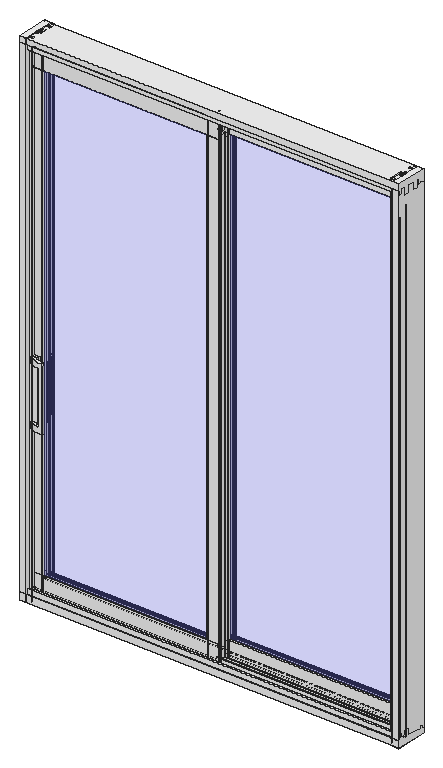
Revit family "Patio-Door_Victorian_OX-Double-Glaze-rev3_Novatech", category Doors, host Wall, Revit 2026 (continued)
Definition of nested family "NOVATECH VICTORIAN_OX-DOUBLE GLAZE REV3_SASH_X"
  Definition of nested family "NOVATECH_VICTORIAN_SASH_X_HEADER"
    Automatic sketch dimensions
      Extrusion 1 sketch curve to Extrusion 1 sketch curve = 0.05048"  (x2)
      Extrusion 1 sketch curve to Extrusion 1 sketch curve = 0.05142"  (x2)
      Extrusion 1 sketch curve to Extrusion 1 sketch curve = 0.10625"  (x2)
      Extrusion 1 sketch curve to Extrusion 1 sketch curve = 0.02452"  (x2)
      plane 5 to Extrusion 1 sketch curve = 0.31972"  (x2)
      Extrusion 1 sketch curve to Extrusion 1 sketch curve = 0.02432"  (x2)
      Extrusion 1 sketch curve to Extrusion 1 sketch curve = 0.065"  (x3)
      Extrusion 1 sketch curve to Extrusion 1 sketch curve = 0.03375"
      Extrusion 1 sketch curve to Extrusion 1 sketch curve = 0.36625"  (x2)
      Extrusion 1 sketch curve to Extrusion 1 sketch curve = 0.3325"
      Extrusion 1 sketch curve to Extrusion 1 sketch curve = 0.88851"
      Extrusion 1 sketch curve to Extrusion 1 sketch curve = 0.00074"
      Extrusion 1 sketch curve to Extrusion 1 sketch curve = 0.08125"
      level to Extrusion 1 sketch curve = 0.03"
      Extrusion 1 sketch curve to Extrusion 1 sketch curve = 0.145"
      Extrusion 1 sketch curve to Extrusion 1 sketch curve = 0.08"
      Extrusion 1 sketch curve to Extrusion 1 sketch curve = 0.055"
      Extrusion 1 sketch curve to Extrusion 1 sketch curve = 0.33"
      Extrusion 1 sketch curve to Extrusion 1 sketch curve = 0.305"  (x2)
      Extrusion 1 sketch curve to Extrusion 1 sketch curve = 0.075"  (x3)
      Extrusion 1 sketch curve to Extrusion 1 sketch curve = 0.39"
      Extrusion 1 sketch curve to Extrusion 1 sketch curve = 0.25601"  (x2)
      Extrusion 1 sketch curve to Extrusion 1 sketch curve = 0.01329"  (x2)
      Extrusion 1 sketch curve to Extrusion 1 sketch curve = 0.01066"  (x2)
      Extrusion 1 sketch curve to Extrusion 1 sketch curve = 0.01"  (x2)
      Extrusion 1 sketch curve to Extrusion 1 sketch curve = 0.15421"
      Extrusion 1 sketch curve to Extrusion 1 sketch curve = 0.0925"
      Extrusion 1 sketch curve to Extrusion 1 sketch curve = 0.00447"  (x2)
      Extrusion 1 sketch curve to Extrusion 1 sketch curve = 0.00818"  (x2)
      Extrusion 1 sketch curve to Extrusion 1 sketch curve = 0.00803"  (x2)
      Extrusion 1 sketch curve to Extrusion 1 sketch curve = 0.05"
  Definition of nested family "NOVATECH_VICTORIAN_SASH_X_SILL"
    Parameters (values of type "X_SILL")
      built-in parameter 1001306 [instance] = 54"
      Frame Material = none
      Default Elevation = 0"
    Reference planes (in)
      plane 1 "Center (Front/Back)": y = 0
      plane 2: z = 0
      plane 3 "Left": x = 0
      plane 4 "Right": x = 54
    Forms (in)
      Extrusion 1, solid, material <- "Frame Material"
        sketch origin (0, 0, 0) x (0, 1, 0) y (0, 0, 1)
          loop
            line (-1.625, 0) -> (-1.2575, 0) -> (-1.2575, 0.0925)
            arc (-1.2575, 0.0925) -> (-1.2825, 0.10976) -> (-1.3075, 0.0925) r 0.02673
            arc (-1.3075, 0.0925) -> (-1.32681, 0.06351) -> (-1.3575, 0.08) r 0.02588
            line (-1.3575, 0.08) -> (-1.3575, 0.26)
            arc (-1.3575, 0.26) -> (-1.32586, 0.27827) -> (-1.30744, 0.24671) r 0.02589
            arc (-1.30744, 0.24671) -> (-1.2821, 0.23049) -> (-1.25676, 0.24671) r 0.02791
            line (-1.25676, 0.24671) -> (-1.19797, 1.36843) -> (-1.16053, 1.36843) -> (-1.16053, 1.0095) -> (-1.00614, 1.0095) -> (-1.00614, 0.94494) -> (-0.96965, 0.94494) -> (-0.96965, 0.65862) -> (-0.93597, 0.65862) -> (-0.93597, 1.0095) -> (-0.68615, 1.0095) -> (-0.68615, 0.65862) -> (-0.65246, 0.65862) -> (-0.65246, 0.94494) -> (-0.61886, 0.94494) -> (-0.61886, 1.0095) -> (-0.45878, 1.0095) -> (-0.45878, 1.36843) -> (-0.42703, 1.36843) -> (-0.36824, 0.24671)
            arc (-0.36824, 0.24671) -> (-0.3429, 0.23049) -> (-0.31756, 0.24671) r 0.02791
            arc (-0.31756, 0.24671) -> (-0.29914, 0.27827) -> (-0.2675, 0.26) r 0.02589
            line (-0.2675, 0.26) -> (-0.2675, 0.08)
            arc (-0.2675, 0.08) -> (-0.29819, 0.06351) -> (-0.3175, 0.0925) r 0.02588
            arc (-0.3175, 0.0925) -> (-0.3425, 0.10976) -> (-0.3675, 0.0925) r 0.02673
            line (-0.3675, 0.0925) -> (-0.3675, 0) -> (0, 0) -> (0, 3.095)
            arc (0, 3.095) -> (-0.00879, 3.11621) -> (-0.03, 3.125) r 0.03
            line (-0.03, 3.125) -> (-0.2675, 3.125) -> (-0.2675, 3.06) -> (-0.2425, 3.035) -> (-0.2425, 2.89) -> (-0.2675, 2.865) -> (-0.2675, 2.81) -> (-0.2425, 2.785) -> (-0.2425, 2.405) -> (-0.34875, 2.405) -> (-0.34875, 2.48) -> (-0.41375, 2.48) -> (-0.41375, 2.405) -> (-0.78, 2.405) -> (-0.78, 2.48) -> (-0.845, 2.48) -> (-0.845, 2.405) -> (-1.21125, 2.405) -> (-1.21125, 2.48) -> (-1.27625, 2.48) -> (-1.27625, 2.405) -> (-1.3825, 2.405) -> (-1.3825, 2.785) -> (-1.3575, 2.81) -> (-1.3575, 2.865) -> (-1.3825, 2.89) -> (-1.3825, 3.035) -> (-1.3575, 3.06) -> (-1.3575, 3.125) -> (-1.595, 3.125)
            arc (-1.595, 3.125) -> (-1.61621, 3.11621) -> (-1.625, 3.095) r 0.03
            line (-1.625, 3.095) -> (-1.625, 0)
        from 0 to 54
    Lines and regions (in)
      reference lines
        curve 1: line (0, 0, 0) -> (54, 0, 0)
    Dimensions and locks (in)
      "built-in parameter 1001306": plane 3 "Left" to plane 4 "Right"
      aligned and locked: plane 4 "Right" to curve 1
      aligned and locked: plane 1 "Center (Front/Back)" to curve 1
      aligned and locked: plane 3 "Left" to curve 1
      aligned and locked: level to plane 2
      aligned and locked: Extrusion 1 to curve 1
      aligned and locked: Extrusion 1 to plane 3 "Left"
    Automatic sketch dimensions
      Extrusion 1 sketch curve to level = 0"  (x2)
      plane 1 "Center (Front/Back)" to Extrusion 1 sketch curve = 1 5/8"
      Extrusion 1 sketch curve to Extrusion 1 sketch curve = 0.03"
      Extrusion 1 sketch curve to Extrusion 1 sketch curve = 0.2125"  (x2)
      Extrusion 1 sketch curve to Extrusion 1 sketch curve = 0.025"  (x13)
      Extrusion 1 sketch curve to Extrusion 1 sketch curve = 0.2675"
      Extrusion 1 sketch curve to Extrusion 1 sketch curve = 0.02441"  (x2)
      Extrusion 1 sketch curve to Extrusion 1 sketch curve = 0.05059"  (x2)
      Extrusion 1 sketch curve to Extrusion 1 sketch curve = 0.0504"  (x2)
      Extrusion 1 sketch curve to Extrusion 1 sketch curve = 0.10625"
      level to Extrusion 1 sketch curve = 0.24671"
      Extrusion 1 sketch curve to Extrusion 1 sketch curve = 0.02534"  (x2)
      Extrusion 1 sketch curve to Extrusion 1 sketch curve = 0.065"  (x3)
      Extrusion 1 sketch curve to Extrusion 1 sketch curve = 0.01328"
      Extrusion 1 sketch curve to Extrusion 1 sketch curve = 0.03744"
      Extrusion 1 sketch curve to Extrusion 1 sketch curve = 0.15438"
      Extrusion 1 sketch curve to Extrusion 1 sketch curve = 0.03649"
      Extrusion 1 sketch curve to Extrusion 1 sketch curve = 0.07017"
      Extrusion 1 sketch curve to Extrusion 1 sketch curve = 0.36625"  (x2)
      Extrusion 1 sketch curve to Extrusion 1 sketch curve = 0.24982"
      Extrusion 1 sketch curve to Extrusion 1 sketch curve = 0.03368"
      Extrusion 1 sketch curve to Extrusion 1 sketch curve = 0.03361"
      Extrusion 1 sketch curve to Extrusion 1 sketch curve = 0.16007"
      Extrusion 1 sketch curve to Extrusion 1 sketch curve = 0.03175"
      plane 1 "Center (Front/Back)" to Extrusion 1 sketch curve = 0.36824"
      Extrusion 1 sketch curve to Extrusion 1 sketch curve = 0.00074"
      plane 1 "Center (Front/Back)" to Extrusion 1 sketch curve = 0.2675"
      Extrusion 1 sketch curve to Extrusion 1 sketch curve = 0"  (x7)
      plane 1 "Center (Front/Back)" to Extrusion 1 sketch curve = 0.03"
      plane 1 "Center (Front/Back)" to Extrusion 1 sketch curve = 0"
      level to Extrusion 1 sketch curve = 0.08"  (x2)
      Extrusion 1 sketch curve to Extrusion 1 sketch curve = 0.00303"  (x2)
      Extrusion 1 sketch curve to Extrusion 1 sketch curve = 0.00862"  (x2)
      Extrusion 1 sketch curve to Extrusion 1 sketch curve = 0.00947"  (x2)
      Extrusion 1 sketch curve to Extrusion 1 sketch curve = 0.15421"
      Extrusion 1 sketch curve to Extrusion 1 sketch curve = 0.00652"  (x2)
      Extrusion 1 sketch curve to Extrusion 1 sketch curve = 0.01168"  (x2)
      Extrusion 1 sketch curve to Extrusion 1 sketch curve = 0.00676"  (x2)
      Extrusion 1 sketch curve to Extrusion 1 sketch curve = 0.41191"
      Extrusion 1 sketch curve to Extrusion 1 sketch curve = 0.28631"  (x2)
      Extrusion 1 sketch curve to Extrusion 1 sketch curve = 0.06456"  (x3)
      Extrusion 1 sketch curve to Extrusion 1 sketch curve = 0.35894"  (x2)
      Extrusion 1 sketch curve to Extrusion 1 sketch curve = 1.03657"
      Extrusion 1 sketch curve to Extrusion 1 sketch curve = 0.075"  (x3)
      Extrusion 1 sketch curve to Extrusion 1 sketch curve = 0.305"  (x2)
      Extrusion 1 sketch curve to Extrusion 1 sketch curve = 0.055"  (x2)
      Extrusion 1 sketch curve to Extrusion 1 sketch curve = 0.145"  (x2)
      Extrusion 1 sketch curve to Extrusion 1 sketch curve = 0.06"  (x2)
Definition of nested family "NOVATECH VICTORIAN_OX-DOUBLE GLAZE REV3_SASH_O"
  Parameters (values of type "SASH_O")
    Width = 28 111/256"
    Panel Material = none
    Height = 91 3/4"
    Frame Material = none
    Default Elevation = 0"
  Reference planes (in)
    plane 1 "Center (Front/Back)": y = 0
    plane 2: z = 0
    plane 3 "Center (Left/Right)": x = 0
    plane 4: x = 14.2168
    plane 5: x = -14.2168
    plane 6: z = 91.75
    plane 7: y = 0.8125
    plane 8: x = -15.4043
  Forms (in)
    Extrusion 1, solid, material <- "Panel Material"
      sketch origin (53.05518, -3.31617, -6.69658) x (1, 0, 0) y (0, 1, 0)
        loop
          line (-66.70948, 4.50367) -> (-66.70948, 3.75367) -> (-40.46338, 3.75367) -> (-40.46338, 4.50367) -> (-66.70948, 4.50367)
      from 9.10158 to 96.04158
  Dimensions and locks (in)
    "Height": plane 6 to level
    "Width": plane 4 to plane 5
    equal spacing: plane 4, plane 3 "Center (Left/Right)", plane 5
    locked: Extrusion 1 sketch curve to Extrusion 1 sketch curve at 0.75
    locked: plane 5 to Extrusion 1 at 0.5625
    Extrusion 1 to plane 4 = 1 5/8"
    locked: plane 6 to Extrusion 1 at 2.405
    locked: Extrusion 1 to level at 2.405
    locked: plane 8 to plane 5 at 1.1875
    locked: Extrusion 1 to plane 1 "Center (Front/Back)" at 0.4375
    aligned and locked: plane 2 to level
    aligned and locked: plane 1 "Center (Front/Back)" to nested 1
    aligned and locked: plane 1 "Center (Front/Back)" to nested 2
    aligned and locked: nested 3 to plane 4
    aligned and locked: plane 4 to nested 1
    aligned and locked: plane 1 "Center (Front/Back)" to nested 4
    aligned and locked: plane 6 to nested 2
    aligned and locked: plane 4 to nested 2
    aligned and locked: nested 4 to level
    aligned and locked: plane 6 to nested 4
    aligned and locked: nested 3 to Extrusion 1
    aligned and locked: plane 2 to nested 3
    aligned and locked: nested 3 to plane 6
    aligned and locked: level to nested 1
    aligned and locked: plane 5 to nested 4
    aligned and locked: plane 8 to nested 2
    aligned and locked: plane 8 to nested 1
  Automatic sketch dimensions
    Extrusion 1 sketch curve to plane 1 "Center (Front/Back)" = 7/16"
    plane 5 to Extrusion 1 sketch curve = 9/16"
    Extrusion 1 sketch curve to plane 4 = 1 5/8"
  Nested families (in)
    nested 1: "NOVATECH_VICTORIAN_SASH_O_SILL" at (-15.4043, 0, 0), type "O PANEL SILL"
      with built-in parameter 1001306 2.4684 (stored number, unit not read)
    nested 2: "NOVATECH_VICTORIAN_SASH_O_HEADER" at (-15.4043, 0, 88.625), type "O PANEL HEADER"
      with Length 29 159/256"
    nested 3: "NOVATECH_VICTORIAN_LIGHT_SASH_O" at (14.2168, 1.65748, -8.94531) x (0, -1, 0) z (0, 0, 1), type "O_RIGHT"
      with Length 91 3/4"
    nested 4: "NOVATECH_VICTORIAN_SASH_O_2" at (-15.4043, 0, -9.93494) x (0, -1, 0) z (0, 0, 1), type "NOVATECH_650_2 LIGHT_SASH_X_RIGHT"
      with Length 91 3/4"
  Definition of nested family "NOVATECH_VICTORIAN_SASH_O_SILL"
    Parameters (values of type "O PANEL SILL")
      built-in parameter 1001306 [instance] = 48"
      Frame Material = none
      Default Elevation = 0"
    Reference planes (in)
      plane 1 "Center (Front/Back)": y = 0
      plane 2: z = 0
      plane 3 "Left": x = 0
      plane 4 "Right": x = 48
    Forms (in)
      Extrusion 1, solid, material <- "Frame Material"
        sketch origin (0, -0.42731, -0.73603) x (0, 1, 0) y (0, 0, 1)
          loop
            line (1.60481, 2.49503) -> (1.68407, 0.98275)
            arc (1.68407, 0.98275) -> (1.71579, 0.96514) -> (1.73481, 0.99603) r 0.02625
            arc (1.73481, 0.99603) -> (1.75981, 1.01461) -> (1.78481, 0.99603) r 0.02611
            line (1.78481, 0.99603) -> (1.78481, 0.81603)
            arc (1.78481, 0.81603) -> (1.75401, 0.7991) -> (1.73481, 0.82853) r 0.02584
            arc (1.73481, 0.82853) -> (1.70981, 0.84667) -> (1.68481, 0.82853) r 0.0263
            line (1.68481, 0.82853) -> (1.68481, 0.73603) -> (2.02231, 0.73603)
            arc (2.02231, 0.73603) -> (2.04352, 0.74482) -> (2.05231, 0.76603) r 0.03
            line (2.05231, 0.76603) -> (2.05231, 3.83103)
            arc (2.05231, 3.83103) -> (2.04352, 3.85225) -> (2.02231, 3.86103) r 0.03
            line (2.02231, 3.86103) -> (1.78481, 3.86103) -> (1.78481, 3.79603) -> (1.80981, 3.77103) -> (1.80981, 3.62603) -> (1.78481, 3.60103) -> (1.78481, 3.54603) -> (1.80981, 3.52103) -> (1.80981, 3.14103) -> (1.70356, 3.14103) -> (1.70356, 3.21603) -> (1.63856, 3.21603) -> (1.63856, 3.14103) -> (1.27231, 3.14103) -> (1.27231, 3.21603) -> (1.20731, 3.21603) -> (1.20731, 3.14103) -> (0.84106, 3.14103) -> (0.84106, 3.21603) -> (0.77606, 3.21603) -> (0.77606, 3.14103) -> (0.66981, 3.14103) -> (0.66981, 3.52103) -> (0.69481, 3.54603) -> (0.69481, 3.60103) -> (0.66981, 3.62603) -> (0.66981, 3.77103) -> (0.69481, 3.79603) -> (0.69481, 3.86103) -> (0.45731, 3.86103)
            arc (0.45731, 3.86103) -> (0.4361, 3.85225) -> (0.42731, 3.83103) r 0.03
            line (0.42731, 3.83103) -> (0.42731, 0.76603)
            arc (0.42731, 0.76603) -> (0.4361, 0.74482) -> (0.45731, 0.73603) r 0.03
            line (0.45731, 0.73603) -> (0.79481, 0.73603) -> (0.79481, 0.82853)
            arc (0.79481, 0.82853) -> (0.76981, 0.84667) -> (0.74481, 0.82853) r 0.0263
            arc (0.74481, 0.82853) -> (0.72561, 0.7991) -> (0.69481, 0.81603) r 0.02584
            line (0.69481, 0.81603) -> (0.69481, 0.99603)
            arc (0.69481, 0.99603) -> (0.71981, 1.01461) -> (0.74481, 0.99603) r 0.02611
            arc (0.74481, 0.99603) -> (0.76383, 0.96514) -> (0.79556, 0.98275) r 0.02625
            line (0.79556, 0.98275) -> (0.87481, 2.49503) -> (0.87481, 2.75103) -> (1.60481, 2.75103) -> (1.60481, 2.49503)
        from 0 to 48
      Extrusion 2, solid, material <- "Frame Material"
        sketch origin (0, 0, 0) x (0, 1, 0) y (0, 0, 1)
          loop
            line (1.67312, -0.65372) -> (1.67312, -0.09203)
            arc (1.67312, -0.09203) -> (1.64969, -0.03546) -> (1.59312, -0.01203) r 0.08
            line (1.59312, -0.01203) -> (1.22182, -0.01203) -> (1.18036, 0.48672)
            arc (1.18036, 0.48672) -> (1.15541, 0.50302) -> (1.13046, 0.48672) r 0.02724
            arc (1.13046, 0.48672) -> (1.12856, 0.47042) -> (1.11786, 0.45797) r 0.02802
            line (1.11786, 0.45797) -> (1.06562, 0.45797)
            arc (1.06562, 0.45797) -> (1.04882, 0.47919) -> (1.06562, 0.50041) r 0.0218
            arc (1.06562, 0.50041) -> (1.08197, 0.52104) -> (1.06562, 0.54168) r 0.0212
            arc (1.06562, 0.54168) -> (1.04891, 0.56278) -> (1.06562, 0.58388) r 0.02168
            arc (1.06562, 0.58388) -> (1.08217, 0.60477) -> (1.06562, 0.62566) r 0.02146
            arc (1.06562, 0.62566) -> (1.04887, 0.64682) -> (1.06562, 0.66797) r 0.02173
            line (1.06562, 0.66797) -> (1.11541, 0.66797)
            arc (1.11541, 0.66797) -> (1.12824, 0.65713) -> (1.13041, 0.64047) r 0.02324
            arc (1.13041, 0.64047) -> (1.15541, 0.62279) -> (1.18041, 0.64047) r 0.02651
            line (1.18041, 0.64047) -> (1.18041, 0.70797)
            arc (1.18041, 0.70797) -> (1.17162, 0.72919) -> (1.15041, 0.73797) r 0.03
            line (1.15041, 0.73797) -> (1.01062, 0.73797)
            arc (1.01062, 0.73797) -> (0.98941, 0.72919) -> (0.98062, 0.70797) r 0.03
            line (0.98062, 0.70797) -> (0.98062, 0.48797) -> (0.63062, 0.48797) -> (0.63062, 0.70797)
            arc (0.63062, 0.70797) -> (0.62184, 0.72919) -> (0.60062, 0.73797) r 0.03
            line (0.60062, 0.73797) -> (0.46084, 0.73797)
            arc (0.46084, 0.73797) -> (0.43963, 0.72919) -> (0.43084, 0.70797) r 0.03
            line (0.43084, 0.70797) -> (0.43084, 0.64047)
            arc (0.43084, 0.64047) -> (0.45584, 0.62279) -> (0.48084, 0.64047) r 0.02651
            arc (0.48084, 0.64047) -> (0.48301, 0.65713) -> (0.49584, 0.66797) r 0.02324
            line (0.49584, 0.66797) -> (0.54562, 0.66797)
            arc (0.54562, 0.66797) -> (0.56238, 0.64682) -> (0.54562, 0.62566) r 0.02173
            arc (0.54562, 0.62566) -> (0.52908, 0.60477) -> (0.54562, 0.58388) r 0.02146
            arc (0.54562, 0.58388) -> (0.56234, 0.56278) -> (0.54562, 0.54168) r 0.02168
            arc (0.54562, 0.54168) -> (0.52928, 0.52104) -> (0.54562, 0.50041) r 0.0212
            arc (0.54562, 0.50041) -> (0.56243, 0.47919) -> (0.54562, 0.45797) r 0.0218
            line (0.54562, 0.45797) -> (0.49339, 0.45797)
            arc (0.49339, 0.45797) -> (0.48269, 0.47042) -> (0.48079, 0.48672) r 0.02802
            arc (0.48079, 0.48672) -> (0.45584, 0.50302) -> (0.43089, 0.48672) r 0.02724
            line (0.43089, 0.48672) -> (0.38943, -0.01203) -> (0.03312, -0.01203)
            arc (0.03312, -0.01203) -> (-0.02344, -0.03546) -> (-0.04688, -0.09203) r 0.08
            line (-0.04688, -0.09203) -> (-0.04688, -0.83072)
            arc (-0.04688, -0.83072) -> (-0.05969, -0.84284) -> (-0.07687, -0.84682) r 0.03366
            arc (-0.07687, -0.84682) -> (-0.102, -0.87939) -> (-0.07687, -0.91196) r 0.03368
            line (-0.07687, -0.91196) -> (0.02312, -0.91196) -> (0.02312, -0.76062) -> (1.60312, -0.53857) -> (1.60312, -0.66356)
            arc (1.60312, -0.66356) -> (1.6416, -0.68336) -> (1.67312, -0.65372) r 0.0375
        from 0 to 48
    Lines and regions (in)
      reference lines
        curve 1: line (0, 0.91091, 0) -> (48, 0.91091, 0)
    Dimensions and locks (in)
      "built-in parameter 1001306": plane 3 "Left" to plane 4 "Right"
      aligned and locked: plane 4 "Right" to curve 1
      aligned and locked: plane 3 "Left" to curve 1
      aligned and locked: level to plane 2
      aligned and locked: Extrusion 1 to plane 3 "Left"
      aligned and locked: plane 4 "Right" to Extrusion 1
      aligned and locked: Extrusion 2 to plane 3 "Left"
      aligned and locked: plane 4 "Right" to Extrusion 2
    Automatic sketch dimensions
      curve 1 to plane 1 "Center (Front/Back)" = 0.91091"
      Extrusion 1 sketch curve to plane 1 "Center (Front/Back)" = 0"
      Extrusion 1 sketch curve to level = 0"  (x2)
      Extrusion 1 sketch curve to plane 1 "Center (Front/Back)" = 0.03"
      Extrusion 1 sketch curve to Extrusion 1 sketch curve = 0.03"  (x2)
      Extrusion 1 sketch curve to plane 1 "Center (Front/Back)" = 0.2425"
      Extrusion 1 sketch curve to Extrusion 1 sketch curve = 0.2125"
      Extrusion 1 sketch curve to Extrusion 1 sketch curve = 0.025"  (x13)
      level to Extrusion 1 sketch curve = 0.08"  (x2)
      Extrusion 1 sketch curve to Extrusion 1 sketch curve = 0.2375"  (x2)
      Extrusion 1 sketch curve to Extrusion 1 sketch curve = 0.02453"  (x2)
      Extrusion 1 sketch curve to Extrusion 1 sketch curve = 0.05047"  (x2)
      Extrusion 1 sketch curve to Extrusion 1 sketch curve = 0.05067"  (x2)
      Extrusion 1 sketch curve to Extrusion 1 sketch curve = 0.10625"
      level to Extrusion 1 sketch curve = 0.24671"  (x2)
      Extrusion 1 sketch curve to Extrusion 1 sketch curve = 0.02507"  (x2)
      Extrusion 1 sketch curve to Extrusion 1 sketch curve = 0.065"  (x3)
      Extrusion 1 sketch curve to Extrusion 1 sketch curve = 0.03375"
      Extrusion 1 sketch curve to Extrusion 1 sketch curve = 0.36625"  (x2)
      Extrusion 1 sketch curve to Extrusion 1 sketch curve = 0.3325"
      Extrusion 1 sketch curve to Extrusion 1 sketch curve = 0.88851"
      level to Extrusion 1 sketch curve = 0.0925"
      Extrusion 1 sketch curve to Extrusion 1 sketch curve = 0.00074"
      Extrusion 1 sketch curve to Extrusion 1 sketch curve = 0.08125"
      Extrusion 1 sketch curve to Extrusion 1 sketch curve = 0"  (x5)
      level to Extrusion 1 sketch curve = 0.03"
      Extrusion 1 sketch curve to Extrusion 1 sketch curve = 0.00434"
      Extrusion 1 sketch curve to Extrusion 1 sketch curve = 0.00816"  (x2)
      Extrusion 1 sketch curve to Extrusion 1 sketch curve = 0.00813"  (x2)
      Extrusion 1 sketch curve to Extrusion 1 sketch curve = 0.00575"  (x2)
      Extrusion 1 sketch curve to Extrusion 1 sketch curve = 0.00779"  (x2)
      Extrusion 1 sketch curve to Extrusion 1 sketch curve = 0.00753"  (x2)
      Extrusion 1 sketch curve to Extrusion 1 sketch curve = 1.49899"
      Extrusion 1 sketch curve to Extrusion 1 sketch curve = 0.25601"
      Extrusion 1 sketch curve to Extrusion 1 sketch curve = 0.39"
      Extrusion 1 sketch curve to Extrusion 1 sketch curve = 0.075"  (x3)
      Extrusion 1 sketch curve to Extrusion 1 sketch curve = 0.305"  (x2)
      Extrusion 1 sketch curve to Extrusion 1 sketch curve = 0.055"  (x2)
      Extrusion 1 sketch curve to Extrusion 1 sketch curve = 0.145"  (x2)
      Extrusion 1 sketch curve to Extrusion 1 sketch curve = 0.06"  (x2)
      plane 1 "Center (Front/Back)" to Extrusion 2 sketch curve = 0.07687"
      plane 1 "Center (Front/Back)" to Extrusion 2 sketch curve = 0.0756"
      plane 1 "Center (Front/Back)" to Extrusion 2 sketch curve = 0.06833"
      plane 1 "Center (Front/Back)" to Extrusion 2 sketch curve = 3/64"
      Extrusion 2 sketch curve to Extrusion 2 sketch curve = 0.09145"
      Extrusion 2 sketch curve to level = 0.01203"  (x2)
      Extrusion 2 sketch curve to Extrusion 2 sketch curve = 0.08"
      Extrusion 2 sketch curve to Extrusion 2 sketch curve = 0.3563"
      Extrusion 2 sketch curve to plane 1 "Center (Front/Back)" = 0.43084"
      Extrusion 2 sketch curve to Extrusion 2 sketch curve = 0.00005"
      Extrusion 2 sketch curve to Extrusion 2 sketch curve = 0.02495"  (x2)
      Extrusion 2 sketch curve to Extrusion 2 sketch curve = 0.025"
      Extrusion 2 sketch curve to Extrusion 2 sketch curve = 0.03"  (x4)
      Extrusion 2 sketch curve to Extrusion 2 sketch curve = 0.03755"  (x2)
      Extrusion 2 sketch curve to Extrusion 2 sketch curve = 0.04"  (x3)
      Extrusion 2 sketch curve to Extrusion 2 sketch curve = 0.00757"  (x2)
      Extrusion 2 sketch curve to Extrusion 2 sketch curve = 0.01495"  (x2)
      Extrusion 2 sketch curve to Extrusion 2 sketch curve = 0.03228"  (x2)
      Extrusion 2 sketch curve to Extrusion 2 sketch curve = 0.03724"  (x2)
      Extrusion 2 sketch curve to Extrusion 2 sketch curve = 0.00003"
      Extrusion 2 sketch curve to Extrusion 2 sketch curve = 0.00499"  (x2)
      Extrusion 2 sketch curve to Extrusion 2 sketch curve = 0.00498"  (x2)
      Extrusion 2 sketch curve to Extrusion 2 sketch curve = 0.00982"  (x2)
      Extrusion 2 sketch curve to Extrusion 2 sketch curve = 0.00988"
      Extrusion 2 sketch curve to Extrusion 2 sketch curve = 0.055"
      Extrusion 2 sketch curve to Extrusion 2 sketch curve = 0.08014"
      Extrusion 2 sketch curve to Extrusion 2 sketch curve = 0.35"
      Extrusion 2 sketch curve to Extrusion 2 sketch curve = 0.05008"
      Extrusion 2 sketch curve to Extrusion 2 sketch curve = 0.00006"
      Extrusion 2 sketch curve to Extrusion 2 sketch curve = 0.00492"
      Extrusion 2 sketch curve to Extrusion 2 sketch curve = 0.00486"  (x2)
      Extrusion 2 sketch curve to Extrusion 2 sketch curve = 0.035"
      level to Extrusion 2 sketch curve = 0.48672"
      Extrusion 2 sketch curve to Extrusion 2 sketch curve = 0.10396"
      Extrusion 2 sketch curve to level = 0.09203"
      Extrusion 2 sketch curve to Extrusion 2 sketch curve = 0.3713"
      Extrusion 2 sketch curve to Extrusion 2 sketch curve = 0.07"
      Extrusion 2 sketch curve to Extrusion 2 sketch curve = 0.03326"
      Extrusion 2 sketch curve to Extrusion 2 sketch curve = 0.44654"
      Extrusion 2 sketch curve to Extrusion 2 sketch curve = 0.10766"
      Extrusion 2 sketch curve to Extrusion 2 sketch curve = 0.00749"
      Extrusion 2 sketch curve to Extrusion 2 sketch curve = 0.6686"
      Extrusion 2 sketch curve to Extrusion 2 sketch curve = 0.05256"
      Extrusion 2 sketch curve to Extrusion 2 sketch curve = 0.01755"
      Extrusion 2 sketch curve to Extrusion 2 sketch curve = 0.04867"
      Extrusion 2 sketch curve to Extrusion 2 sketch curve = 0.03257"
      level to Extrusion 2 sketch curve = 0.45797"
      Extrusion 2 sketch curve to Extrusion 2 sketch curve = 0.02874"
      Extrusion 2 sketch curve to Extrusion 2 sketch curve = 0.0178"
      Extrusion 2 sketch curve to Extrusion 2 sketch curve = 0.01094"  (x2)
      Extrusion 2 sketch curve to Extrusion 2 sketch curve = 0.02122"  (x2)
      Extrusion 2 sketch curve to Extrusion 2 sketch curve = 0.02369"  (x2)
      Extrusion 2 sketch curve to Extrusion 2 sketch curve = 0.04185"  (x2)
      Extrusion 2 sketch curve to Extrusion 2 sketch curve = 0.04173"  (x2)
      Extrusion 2 sketch curve to Extrusion 2 sketch curve = 0.04199"  (x2)
      Extrusion 2 sketch curve to Extrusion 2 sketch curve = 0.03571"  (x2)
      Extrusion 2 sketch curve to Extrusion 2 sketch curve = 0.04124"  (x2)
      Extrusion 2 sketch curve to Extrusion 2 sketch curve = 0.00081"  (x2)
      Extrusion 2 sketch curve to Extrusion 2 sketch curve = 0.00882"  (x2)
      Extrusion 2 sketch curve to Extrusion 2 sketch curve = 0.02116"  (x2)
      Extrusion 2 sketch curve to Extrusion 2 sketch curve = 0.05868"
      Extrusion 2 sketch curve to Extrusion 2 sketch curve = 0"  (x5)
  Definition of nested family "NOVATECH_VICTORIAN_SASH_O_HEADER"
    Parameters (values of type "O PANEL HEADER")
      Length [instance] = 25.4316"
      Frame Material = none
      Default Elevation = 0"
    Reference planes (in)
      plane 1 "Center (Front/Back)": y = 0
      plane 2: z = 0
      plane 3 "Center (Left/Right)": x = 0
      plane 4: x = 25.4316
    Forms (in)
      Extrusion 1, solid, material <- "Frame Material"
        sketch origin (0, 3.99113, -1.74837) x (0, 1, 0) y (0, 0, 1)
          loop
            arc (-2.36613, 4.84337) -> (-2.37492, 4.86458) -> (-2.39613, 4.87337) r 0.03
            line (-2.39613, 4.87337) -> (-2.73363, 4.87337) -> (-2.73363, 4.78087)
            arc (-2.73363, 4.78087) -> (-2.70285, 4.76398) -> (-2.68363, 4.79337) r 0.02585
            arc (-2.68363, 4.79337) -> (-2.65863, 4.8116) -> (-2.63363, 4.79337) r 0.02626
            line (-2.63363, 4.79337) -> (-2.63363, 4.61337)
            arc (-2.63363, 4.61337) -> (-2.65863, 4.59644) -> (-2.68363, 4.61337) r 0.02693
            arc (-2.68363, 4.61337) -> (-2.70333, 4.64169) -> (-2.73438, 4.62665) r 0.02655
            line (-2.73438, 4.62665) -> (-2.81363, 3.11438) -> (-2.81363, 2.85837) -> (-3.54363, 2.85837) -> (-3.54363, 3.11438) -> (-3.62289, 4.62665)
            arc (-3.62289, 4.62665) -> (-3.65394, 4.64169) -> (-3.67363, 4.61337) r 0.02655
            arc (-3.67363, 4.61337) -> (-3.69863, 4.59644) -> (-3.72363, 4.61337) r 0.02693
            line (-3.72363, 4.61337) -> (-3.72363, 4.79337)
            arc (-3.72363, 4.79337) -> (-3.69863, 4.8116) -> (-3.67363, 4.79337) r 0.02626
            arc (-3.67363, 4.79337) -> (-3.65442, 4.76398) -> (-3.62363, 4.78087) r 0.02585
            line (-3.62363, 4.78087) -> (-3.62363, 4.87337) -> (-3.96113, 4.87337)
            arc (-3.96113, 4.87337) -> (-3.98235, 4.86458) -> (-3.99113, 4.84337) r 0.03
            line (-3.99113, 4.84337) -> (-3.99113, 1.77837)
            arc (-3.99113, 1.77837) -> (-3.98235, 1.75716) -> (-3.96113, 1.74837) r 0.03
            line (-3.96113, 1.74837) -> (-3.72363, 1.74837) -> (-3.72363, 1.81337) -> (-3.74863, 1.83837) -> (-3.74863, 1.98337) -> (-3.72363, 2.00837) -> (-3.72363, 2.06337) -> (-3.74863, 2.08837) -> (-3.74863, 2.46837) -> (-3.64238, 2.46837) -> (-3.64238, 2.39337) -> (-3.57738, 2.39337) -> (-3.57738, 2.46837) -> (-3.21113, 2.46837) -> (-3.21113, 2.39337) -> (-3.14613, 2.39337) -> (-3.14613, 2.46837) -> (-2.77988, 2.46837) -> (-2.77988, 2.39337) -> (-2.71488, 2.39337) -> (-2.71488, 2.46837) -> (-2.60863, 2.46837) -> (-2.60863, 2.08837) -> (-2.63363, 2.06337) -> (-2.63363, 2.00837) -> (-2.60863, 1.98337) -> (-2.60863, 1.83837) -> (-2.63363, 1.81337) -> (-2.63363, 1.74837) -> (-2.39613, 1.74837)
            arc (-2.39613, 1.74837) -> (-2.37492, 1.75716) -> (-2.36613, 1.77837) r 0.03
            line (-2.36613, 1.77837) -> (-2.36613, 4.84337)
        from 0 to 25.4316
    Dimensions and locks (in)
      "Length": plane 3 "Center (Left/Right)" to plane 4
      aligned and locked: plane 2 to level
      aligned and locked: plane 4 to Extrusion 1
      aligned and locked: Extrusion 1 to plane 3 "Center (Left/Right)"
    Automatic sketch dimensions
      Extrusion 1 sketch curve to plane 1 "Center (Front/Back)" = 0"
      Extrusion 1 sketch curve to level = 0"  (x2)
      Extrusion 1 sketch curve to plane 1 "Center (Front/Back)" = 0.03"
      Extrusion 1 sketch curve to Extrusion 1 sketch curve = 0.03"
      level to Extrusion 1 sketch curve = 0.09"  (x2)
      Extrusion 1 sketch curve to Extrusion 1 sketch curve = 0.2125"  (x2)
      Extrusion 1 sketch curve to Extrusion 1 sketch curve = 0"  (x4)
      level to Extrusion 1 sketch curve = 0.065"
      Extrusion 1 sketch curve to Extrusion 1 sketch curve = 0.025"  (x11)
      Extrusion 1 sketch curve to plane 1 "Center (Front/Back)" = 0.2675"
      Extrusion 1 sketch curve to Extrusion 1 sketch curve = 0.05048"  (x2)
      Extrusion 1 sketch curve to Extrusion 1 sketch curve = 0.05142"  (x2)
      Extrusion 1 sketch curve to Extrusion 1 sketch curve = 0.10625"  (x2)
      Extrusion 1 sketch curve to Extrusion 1 sketch curve = 0.02452"  (x2)
      Extrusion 1 sketch curve to Extrusion 1 sketch curve = 0.02432"  (x2)
      Extrusion 1 sketch curve to Extrusion 1 sketch curve = 0.065"  (x3)
      Extrusion 1 sketch curve to plane 1 "Center (Front/Back)" = 0.4475"
      Extrusion 1 sketch curve to Extrusion 1 sketch curve = 0.36625"  (x2)
      Extrusion 1 sketch curve to Extrusion 1 sketch curve = 0.3325"
      Extrusion 1 sketch curve to Extrusion 1 sketch curve = 0.88851"
      Extrusion 1 sketch curve to Extrusion 1 sketch curve = 0.00074"
      Extrusion 1 sketch curve to Extrusion 1 sketch curve = 0.08125"
      Extrusion 1 sketch curve to Extrusion 1 sketch curve = 0.2375"
      level to Extrusion 1 sketch curve = 0.03"
      Extrusion 1 sketch curve to Extrusion 1 sketch curve = 0.145"  (x2)
      Extrusion 1 sketch curve to Extrusion 1 sketch curve = 0.055"  (x2)
      Extrusion 1 sketch curve to Extrusion 1 sketch curve = 0.33"
      Extrusion 1 sketch curve to Extrusion 1 sketch curve = 0.305"  (x2)
      Extrusion 1 sketch curve to Extrusion 1 sketch curve = 0.075"  (x3)
      Extrusion 1 sketch curve to Extrusion 1 sketch curve = 0.39"
      Extrusion 1 sketch curve to Extrusion 1 sketch curve = 0.25601"  (x2)
      Extrusion 1 sketch curve to Extrusion 1 sketch curve = 1.49899"
      Extrusion 1 sketch curve to Extrusion 1 sketch curve = 0.00263"  (x2)
      Extrusion 1 sketch curve to Extrusion 1 sketch curve = 0.01"  (x2)
      Extrusion 1 sketch curve to Extrusion 1 sketch curve = 0.01066"  (x2)
      Extrusion 1 sketch curve to Extrusion 1 sketch curve = 0.15421"  (x2)
      Extrusion 1 sketch curve to Extrusion 1 sketch curve = 0.00447"  (x2)
      Extrusion 1 sketch curve to Extrusion 1 sketch curve = 0.00818"  (x2)
      Extrusion 1 sketch curve to Extrusion 1 sketch curve = 0.00803"  (x2)
      Extrusion 1 sketch curve to Extrusion 1 sketch curve = 0.05"  (x2)
  Definition of nested family "NOVATECH_VICTORIAN_LIGHT_SASH_O"
    Parameters (values of type "O_RIGHT")
      Length [instance] = 75 121/128"
      Frame Material = none
      Default Elevation = 0"
    Types (3): name | Length
      O_RIGHT | 75 121/128"
      X_LEFT | 75 121/128"
      NOVATECH_650_2 LIGHT_SASH_O_LEFT | 91 121/128"
    Reference planes (in)
      plane 1 "Center (Front/Back)": y = 0
      plane 2: z = 8.94531
      plane 3 "Center (Left/Right)": x = 0
      plane 4: z = 84.89063
      plane 5: x = 1.65748
    Forms (in)
      Extrusion 1, solid, material <- "Frame Material"
        sketch origin (0, 0, 0) x (1, 0, 0) y (0, 1, 0)
          loop
            line (0, 2.22) -> (0, 0.125)
            arc (0, 0.125) -> (0.03661, 0.03661) -> (0.125, 0) r 0.125
            line (0.125, 0) -> (1.5, 0)
            arc (1.5, 0) -> (1.58839, 0.03661) -> (1.625, 0.125) r 0.125
            line (1.625, 0.125) -> (1.625, 2.22)
            arc (1.625, 2.22) -> (1.61621, 2.24121) -> (1.595, 2.25) r 0.03
            line (1.595, 2.25) -> (1.3625, 2.25) -> (1.3625, 2.185) -> (1.4325, 2.185) -> (1.4325, 1.975) -> (1.3625, 1.975) -> (1.3625, 1.91) -> (1.4325, 1.91) -> (1.4325, 1.625) -> (0.1925, 1.625) -> (0.1925, 1.91) -> (0.2625, 1.91) -> (0.2625, 1.975) -> (0.1925, 1.975) -> (0.1925, 2.185) -> (0.2625, 2.185) -> (0.2625, 2.25) -> (0.03, 2.25)
            arc (0.03, 2.25) -> (0.00879, 2.24121) -> (0, 2.22) r 0.03
        from 8.94531 to 84.89063
    Dimensions and locks (in)
      "Length": plane 4 to plane 2
      aligned and locked: plane 4 to Extrusion 1
      aligned and locked: Extrusion 1 to plane 2
      aligned and locked: level to plane 2
      aligned and locked: Extrusion 1 to plane 4
    Automatic sketch dimensions
      Extrusion 1 sketch curve to plane 3 "Center (Left/Right)" = 0"
      plane 1 "Center (Front/Back)" to Extrusion 1 sketch curve = 0"
      Extrusion 1 sketch curve to Extrusion 1 sketch curve = 0.03"
      Extrusion 1 sketch curve to Extrusion 1 sketch curve = 1/8"
      Extrusion 1 sketch curve to Extrusion 1 sketch curve = 0.1625"
      plane 3 "Center (Left/Right)" to Extrusion 1 sketch curve = 0.1925"
      Extrusion 1 sketch curve to Extrusion 1 sketch curve = 0.07"  (x3)
      Extrusion 1 sketch curve to plane 5 = 0.29498"
      Extrusion 1 sketch curve to Extrusion 1 sketch curve = 0"  (x2)
      Extrusion 1 sketch curve to plane 5 = 0.15748"
      Extrusion 1 sketch curve to plane 5 = 1/16"
      Extrusion 1 sketch curve to plane 5 = 0.03248"
      Extrusion 1 sketch curve to Extrusion 1 sketch curve = 1 1/2"
      Extrusion 1 sketch curve to Extrusion 1 sketch curve = 0.285"  (x2)
      Extrusion 1 sketch curve to Extrusion 1 sketch curve = 0.065"  (x2)
      Extrusion 1 sketch curve to Extrusion 1 sketch curve = 0.21"  (x2)
      Extrusion 1 sketch curve to Extrusion 1 sketch curve = 0.035"  (x2)
  Definition of nested family "NOVATECH_VICTORIAN_SASH_O_2"
    Parameters (values of type "NOVATECH_650_2 LIGHT_SASH_X_RIGHT")
      Length [instance] = 91 121/128"
      Frame Material = none
      Default Elevation = 0"
    Types (2): name | Length
      NOVATECH_650_2 LIGHT_SASH_X_RIGHT | 91 121/128"
      X_RIGHT | 75 121/128"
    Reference planes (in)
      plane 1 "Center (Front/Back)": y = 0
      plane 2: z = 9.93494
      plane 3 "Center (Left/Right)": x = 0
      plane 4: z = 101.88025
      plane 5: y = 2.375
      plane 6: y = 1.1875
    Forms (in)
      Extrusion 1, solid, material <- "Frame Material"
        sketch origin (0, 0, 0) x (1, 0, 0) y (0, 1, 0)
          loop
            line (-0.1875, 0) -> (-0.075, 0)
            arc (-0.075, 0) -> (-0.02197, 0.02197) -> (0, 0.075) r 0.075
            line (0, 0.075) -> (0, 2.345)
            arc (0, 2.345) -> (-0.00879, 2.36621) -> (-0.03, 2.375) r 0.03
            line (-0.03, 2.375) -> (-0.2625, 2.375) -> (-0.2625, 2.31) -> (-0.1925, 2.31) -> (-0.1925, 2.1) -> (-0.2625, 2.1) -> (-0.2625, 2.035) -> (-0.1925, 2.035) -> (-0.1925, 1.75) -> (-1.4325, 1.75) -> (-1.4325, 2.035) -> (-1.3625, 2.035) -> (-1.3625, 2.1) -> (-1.4325, 2.1) -> (-1.4325, 2.31) -> (-1.3625, 2.31) -> (-1.3625, 2.375) -> (-1.595, 2.375)
            arc (-1.595, 2.375) -> (-1.61621, 2.36621) -> (-1.625, 2.345) r 0.03
            line (-1.625, 2.345) -> (-1.625, 0.79) -> (-1.95261, 0.79) -> (-1.95261, 0.94371)
            arc (-1.95261, 0.94371) -> (-1.94334, 1.05262) -> (-1.90863, 1.15627) r 0.46005
            arc (-1.90863, 1.15627) -> (-1.89427, 1.35056) -> (-1.99821, 1.51534) r 0.31129
            arc (-1.99821, 1.51534) -> (-2.01443, 1.5172) -> (-2.02274, 1.50316) r 0.015
            line (-2.02274, 1.50316) -> (-2.02046, 1.44767)
            arc (-2.02046, 1.44767) -> (-1.95467, 1.32289) -> (-1.96814, 1.18247) r 0.24629
            arc (-1.96814, 1.18247) -> (-2.0034, 1.08185) -> (-2.01761, 0.97618) r 0.52505
            line (-2.01761, 0.97618) -> (-2.01761, 0.79) -> (-2.0675, 0.79) -> (-2.0675, 0.69459)
            arc (-2.0675, 0.69459) -> (-2.04077, 0.68186) -> (-2.01563, 0.6975) r 0.03085
            arc (-2.01563, 0.6975) -> (-1.99821, 0.72757) -> (-1.9675, 0.7113) r 0.02505
            line (-1.9675, 0.7113) -> (-1.9675, 0.53368)
            arc (-1.9675, 0.53368) -> (-1.99659, 0.51487) -> (-2.0175, 0.5425) r 0.02545
            arc (-2.0175, 0.5425) -> (-2.0425, 0.5605) -> (-2.0675, 0.5425) r 0.02636
            line (-2.0675, 0.5425) -> (-2.0675, 0.075)
            arc (-2.0675, 0.075) -> (-2.04553, 0.02197) -> (-1.9925, 0) r 0.075
            line (-1.9925, 0) -> (-1.4375, 0)
            arc (-1.4375, 0) -> (-1.41858, 0.0325) -> (-1.4375, 0.065) r 0.03738
            line (-1.4375, 0.065) -> (-1.545, 0.065)
            arc (-1.545, 0.065) -> (-1.56328, 0.095) -> (-1.545, 0.125) r 0.03375
            line (-1.545, 0.125) -> (-0.08, 0.125)
            arc (-0.08, 0.125) -> (-0.062, 0.095) -> (-0.08, 0.065) r 0.034
            line (-0.08, 0.065) -> (-0.1875, 0.065)
            arc (-0.1875, 0.065) -> (-0.20856, 0.0325) -> (-0.1875, 0) r 0.03561
        from 9.93494 to 101.88025
    Dimensions and locks (in)
      "Length": plane 4 to plane 2
      aligned and locked: plane 4 to Extrusion 1
      aligned and locked: Extrusion 1 to plane 2
      aligned and locked: level to plane 2
      aligned and locked: Extrusion 1 to plane 4
    Automatic sketch dimensions
      Extrusion 1 sketch curve to Extrusion 1 sketch curve = 0"  (x13)
      plane 1 "Center (Front/Back)" to Extrusion 1 sketch curve = 0"  (x2)
      Extrusion 1 sketch curve to plane 3 "Center (Left/Right)" = 2.1963"
      Extrusion 1 sketch curve to plane 1 "Center (Front/Back)" = 0.075"
      Extrusion 1 sketch curve to Extrusion 1 sketch curve = 0.1288"
      Extrusion 1 sketch curve to Extrusion 1 sketch curve = 0.025"  (x2)
      Extrusion 1 sketch curve to Extrusion 1 sketch curve = 0.17356"
      Extrusion 1 sketch curve to Extrusion 1 sketch curve = 0.00228"
      Extrusion 1 sketch curve to Extrusion 1 sketch curve = 0.04989"
      Extrusion 1 sketch curve to Extrusion 1 sketch curve = 0.01499"
      Extrusion 1 sketch curve to Extrusion 1 sketch curve = 0.05033"
      Extrusion 1 sketch curve to Extrusion 1 sketch curve = 0.05119"
      Extrusion 1 sketch curve to Extrusion 1 sketch curve = 0.02467"
      Extrusion 1 sketch curve to Extrusion 1 sketch curve = 0.065"  (x3)
      Extrusion 1 sketch curve to Extrusion 1 sketch curve = 0.32761"
      Extrusion 1 sketch curve to Extrusion 1 sketch curve = 0.03"  (x3)
      Extrusion 1 sketch curve to plane 1 "Center (Front/Back)" = 0.065"  (x2)
      Extrusion 1 sketch curve to Extrusion 1 sketch curve = 0.4475"
      Extrusion 1 sketch curve to Extrusion 1 sketch curve = 0.01547"
      Extrusion 1 sketch curve to Extrusion 1 sketch curve = 0.13217"
      Extrusion 1 sketch curve to Extrusion 1 sketch curve = 0.08904"
      Extrusion 1 sketch curve to Extrusion 1 sketch curve = 0.01846"  (x2)
      Extrusion 1 sketch curve to Extrusion 1 sketch curve = 0.1625"
      Extrusion 1 sketch curve to Extrusion 1 sketch curve = 0.07"  (x3)
      Extrusion 1 sketch curve to plane 3 "Center (Left/Right)" = 0.2625"
      Extrusion 1 sketch curve to plane 3 "Center (Left/Right)" = 3/16"
      Extrusion 1 sketch curve to Extrusion 1 sketch curve = 0.01455"
      Extrusion 1 sketch curve to Extrusion 1 sketch curve = 0.09149"
      Extrusion 1 sketch curve to Extrusion 1 sketch curve = 0.01601"  (x2)
      Extrusion 1 sketch curve to Extrusion 1 sketch curve = 0.005"
      Extrusion 1 sketch curve to plane 3 "Center (Left/Right)" = 0.03"
      Extrusion 1 sketch curve to Extrusion 1 sketch curve = 0.45868"
      Extrusion 1 sketch curve to Extrusion 1 sketch curve = 0.00045"
      Extrusion 1 sketch curve to Extrusion 1 sketch curve = 0.00626"
      Extrusion 1 sketch curve to Extrusion 1 sketch curve = 0.00837"
      Extrusion 1 sketch curve to Extrusion 1 sketch curve = 0.15209"
      Extrusion 1 sketch curve to Extrusion 1 sketch curve = 0.0089"
      Extrusion 1 sketch curve to Extrusion 1 sketch curve = 1/128"
      Extrusion 1 sketch curve to Extrusion 1 sketch curve = 0.01808"
      Extrusion 1 sketch curve to Extrusion 1 sketch curve = 0.07733"
      Extrusion 1 sketch curve to Extrusion 1 sketch curve = 0.15371"
      Extrusion 1 sketch curve to Extrusion 1 sketch curve = 0.16941"
      Extrusion 1 sketch curve to Extrusion 1 sketch curve = 0.03248"
      Extrusion 1 sketch curve to Extrusion 1 sketch curve = 0.00062"
      Extrusion 1 sketch curve to Extrusion 1 sketch curve = 0.285"  (x2)
      Extrusion 1 sketch curve to Extrusion 1 sketch curve = 0.21"  (x2)
      Extrusion 1 sketch curve to Extrusion 1 sketch curve = 0.035"  (x2)
      Extrusion 1 sketch curve to plane 5 = 0"
      Extrusion 1 sketch curve to Extrusion 1 sketch curve = 0.29903"
      Extrusion 1 sketch curve to Extrusion 1 sketch curve = 0.17245"
      Extrusion 1 sketch curve to Extrusion 1 sketch curve = 0.05549"
Definition of nested family "NOVATECH VICTORIAN_OX-DOUBLE GLAZE REV3_LOOK HANDLE"
  Parameters (values of type "LOOK HANDLE")
    View Handle = yes
    Look Handle = yes
    Hardware Finish = none
    Handle Length [instance] = 12"
    Default Elevation = 0"
  Reference planes (in)
    plane 1 "Center (Front/Back)": y = 0
    plane 2: z = 0
    plane 3 "Center (Left/Right)": x = 0
    plane 4: z = 12
    plane 5: z = 11
    plane 6: z = 1
    plane 7: z = 6
  Forms (in)
    Extrusion 1, solid, material <- "Hardware Finish", visible <- "Look Handle"
      sketch origin (-2.75609, 4.10702, 0) x (1, 0, 0) y (0, 1, 0)
        loop
          line (2.28365, -5.7645) -> (2.29002, -6.12973)
          arc (2.29002, -6.12973) -> (2.31095, -6.17843) -> (2.36001, -6.1985) r 0.07
          line (2.36001, -6.1985) -> (3.15217, -6.1985)
          arc (3.15217, -6.1985) -> (3.20123, -6.17843) -> (3.22216, -6.12973) r 0.07
          line (3.22216, -6.12973) -> (3.22853, -5.7645) -> (2.28365, -5.7645)
      from 0 to 12
    Extrusion 2, solid, material <- "Hardware Finish", visible <- "Look Handle"
      sketch origin (-2.75609, 4.10702, 0) x (1, 0, 0) y (0, 1, 0)
        loop
          arc (2.92658, -7.01425) -> (2.95049, -7.06991) -> (3.00657, -7.09285) r 0.08
          line (3.00657, -7.09285) -> (3.06811, -7.09285)
          arc (3.06811, -7.09285) -> (3.12419, -7.06991) -> (3.1481, -7.01425) r 0.08
          line (3.1481, -7.01425) -> (3.16234, -6.1985) -> (2.88163, -6.1985)
          arc (2.88163, -6.1985) -> (2.90353, -6.20746) -> (2.91288, -6.22921) r 0.03125
          line (2.91288, -6.22921) -> (2.92658, -7.01425)
      from 4.54231 to 11
    Extrusion 3, solid, material <- "Hardware Finish", visible <- "Look Handle"
      sketch origin (-5.65408, 4.10702, 0) x (1, 0, 0) y (0, 1, 0)
        loop
          arc (5.26207, -7.01425) -> (5.28599, -7.06991) -> (5.34206, -7.09285) r 0.08
          line (5.34206, -7.09285) -> (5.96611, -7.09285)
          arc (5.96611, -7.09285) -> (6.02218, -7.06991) -> (6.0461, -7.01425) r 0.08
          line (6.0461, -7.01425) -> (6.06033, -6.1985) -> (5.24783, -6.1985) -> (5.26207, -7.01425)
      from 1 to 4.54231
  Dimensions and locks (in)
    "Handle Length": plane 4 to level
    locked: plane 4 to plane 5 at 1
    locked: plane 6 to level at 1
    equal spacing: plane 4, plane 7, level, locked at 6 each
    aligned and locked: plane 2 to level
  Automatic sketch dimensions
    Extrusion 1 sketch curve to plane 3 "Center (Left/Right)" = 0.47244"
    Extrusion 1 sketch curve to Extrusion 1 sketch curve = 0.00637"  (x2)
    Extrusion 1 sketch curve to Extrusion 1 sketch curve = 0.06999"  (x2)
    plane 3 "Center (Left/Right)" to Extrusion 1 sketch curve = 0.39608"
    plane 1 "Center (Front/Back)" to Extrusion 1 sketch curve = 2.09148"
    Extrusion 1 sketch curve to Extrusion 1 sketch curve = 0.06878"  (x2)
    Extrusion 1 sketch curve to Extrusion 1 sketch curve = 0.36522"
    plane 3 "Center (Left/Right)" to Extrusion 2 sketch curve = 0.31202"
    Extrusion 2 sketch curve to Extrusion 2 sketch curve = 0.07999"
    plane 1 "Center (Front/Back)" to Extrusion 2 sketch curve = 2.90722"
    Extrusion 2 sketch curve to Extrusion 2 sketch curve = 0.0014"  (x2)
    plane 3 "Center (Left/Right)" to Extrusion 2 sketch curve = 0.15679"
    Extrusion 2 sketch curve to Extrusion 2 sketch curve = 0.24946"
    Extrusion 2 sketch curve to Extrusion 2 sketch curve = 0.78504"
    Extrusion 2 sketch curve to Extrusion 2 sketch curve = 0.0307"
    Extrusion 2 sketch curve to Extrusion 2 sketch curve = 0.06155"
    Extrusion 2 sketch curve to Extrusion 2 sketch curve = 0"  (x2)
    Extrusion 2 sketch curve to Extrusion 2 sketch curve = 0.00055"
    plane 3 "Center (Left/Right)" to Extrusion 2 sketch curve = 0.12554"
    Extrusion 3 sketch curve to plane 3 "Center (Left/Right)" = 0.39201"
    Extrusion 3 sketch curve to Extrusion 3 sketch curve = 0.07999"
    plane 1 "Center (Front/Back)" to Extrusion 3 sketch curve = 2.90722"
    Extrusion 3 sketch curve to Extrusion 3 sketch curve = 0.0014"  (x2)
    Extrusion 3 sketch curve to plane 3 "Center (Left/Right)" = 13/32"
    Extrusion 3 sketch curve to Extrusion 3 sketch curve = 0.81574"
    plane 3 "Center (Left/Right)" to Extrusion 3 sketch curve = 0.31202"
    plane 3 "Center (Left/Right)" to Extrusion 3 sketch curve = 13/32"
    Extrusion 3 sketch curve to Extrusion 3 sketch curve = 0.0786"
Definition of nested family "NOVATECH VICTORIAN_OX-DOUBLE GLAZE REV3_VIEW HANDLE"
  Parameters (values of type "VIEW HANDLE")
    Hardware Finish = none
    Handle Length [instance] = 12"
    Default Elevation = 0"
  Reference planes (in)
    plane 1 "Center (Front/Back)": y = 0
    plane 2: z = 0
    plane 3 "Center (Left/Right)": x = 0
    plane 4: z = 12
    plane 5: z = 11
    plane 6: z = 1
    plane 7: z = 6
  Forms (in)
    Extrusion 1, solid, material <- "Hardware Finish"
      sketch origin (-2.75609, -5.7645, 0) x (1, 0, 0) y (0, 1, 0)
        loop
          line (2.25609, 6.2645) -> (2.25609, 5.7645) -> (3.25609, 5.7645) -> (3.25609, 6.2645) -> (2.25609, 6.2645)
      from 0 to 12
    Extrusion 2, solid, material <- "Hardware Finish"
      sketch origin (-2.75609, -5.7645, 0) x (1, 0, 0) y (0, 1, 0)
        loop
          arc (3.25636, 6.2645) -> (3.36219, 6.58898) -> (3.65155, 6.76996) r 0.5
          arc (3.65155, 6.76996) -> (4.19674, 6.84875) -> (4.74609, 6.8895) r 7.93092
          arc (4.74609, 6.8895) -> (4.87857, 6.94764) -> (4.92546, 7.0845) r 0.18
          arc (4.92546, 7.0845) -> (4.87857, 7.22136) -> (4.74609, 7.2795) r 0.18
          arc (4.74609, 7.2795) -> (3.50036, 7.21489) -> (2.35751, 6.71497) r 3.47867
          arc (2.35751, 6.71497) -> (2.28354, 6.64857) -> (2.25609, 6.55303) r 0.18
          line (2.25609, 6.55303) -> (2.25609, 6.2645) -> (3.25636, 6.2645)
      from 0 to 12
    Extrusion 3, void
      sketch origin (-2.75609, -5.7645, 0) x (1, 0, 0) y (0, 1, 0)
        loop
          arc (3.25636, 6.2645) -> (3.36219, 6.58898) -> (3.65155, 6.76996) r 0.5
          arc (3.65155, 6.76996) -> (3.99574, 6.82419) -> (4.34198, 6.86326) r 7.93092
          arc (4.34198, 6.86326) -> (4.5239, 7.10462) -> (4.30048, 7.30816) r 0.22439
          arc (4.30048, 7.30816) -> (3.28473, 7.15656) -> (2.35751, 6.71497) r 3.47867
          arc (2.35751, 6.71497) -> (2.28354, 6.64857) -> (2.25609, 6.55303) r 0.18
          line (2.25609, 6.55303) -> (2.25609, 6.2645) -> (3.25636, 6.2645)
      from 1 to 11
  Cuts and joins
    Extrusion 3 cuts Extrusion 2
  Dimensions and locks (in)
    "Handle Length": plane 4 to level
    locked: plane 4 to plane 5 at 1
    locked: plane 6 to level at 1
    equal spacing: plane 4, plane 7, level, locked at 6 each
    aligned and locked: plane 2 to level
    aligned and locked: cut or joined group of Extrusion 2, Extrusion 3 to plane 5
    aligned and locked: plane 6 to cut or joined group of Extrusion 2, Extrusion 3
    aligned and locked: Extrusion 1 to plane 4
    aligned and locked: cut or joined group of Extrusion 2, Extrusion 3 to plane 4
  Automatic sketch dimensions
    plane 1 "Center (Front/Back)" to Extrusion 1 sketch curve = 0"
    Extrusion 1 sketch curve to plane 3 "Center (Left/Right)" = 1/2"
    plane 3 "Center (Left/Right)" to Extrusion 1 sketch curve = 1/2"
    Extrusion 1 sketch curve to plane 1 "Center (Front/Back)" = 1/2"
    Extrusion 2 sketch curve to plane 3 "Center (Left/Right)" = 1/2"
    Extrusion 2 sketch curve to Extrusion 2 sketch curve = 0.18"
    plane 3 "Center (Left/Right)" to Extrusion 2 sketch curve = 0.50027"
    Extrusion 2 sketch curve to Extrusion 2 sketch curve = 0.49973"
    plane 3 "Center (Left/Right)" to Extrusion 2 sketch curve = 1.54439"
    Extrusion 2 sketch curve to Extrusion 2 sketch curve = 0.99"
    Extrusion 2 sketch curve to Extrusion 2 sketch curve = 0"
    plane 3 "Center (Left/Right)" to Extrusion 2 sketch curve = 2.30175"
    plane 1 "Center (Front/Back)" to Extrusion 2 sketch curve = 6.79979"
    plane 1 "Center (Front/Back)" to Extrusion 2 sketch curve = 1.93501"
    Extrusion 2 sketch curve to plane 1 "Center (Front/Back)" = 1/2"
    Extrusion 2 sketch curve to Extrusion 2 sketch curve = 0.0165"
    Extrusion 2 sketch curve to Extrusion 2 sketch curve = 0.28853"
    Extrusion 2 sketch curve to Extrusion 2 sketch curve = 0.7885"
    Extrusion 2 sketch curve to Extrusion 2 sketch curve = 0.03"
    Extrusion 2 sketch curve to Extrusion 2 sketch curve = 0.07858"
    Extrusion 2 sketch curve to Extrusion 2 sketch curve = 0.10454"
    Extrusion 3 sketch curve to plane 3 "Center (Left/Right)" = 1/2"
    Extrusion 3 sketch curve to Extrusion 3 sketch curve = 0.18"
    plane 3 "Center (Left/Right)" to Extrusion 3 sketch curve = 0.50027"
    Extrusion 3 sketch curve to Extrusion 3 sketch curve = 0.49973"
    plane 3 "Center (Left/Right)" to Extrusion 3 sketch curve = 1.54439"
    plane 3 "Center (Left/Right)" to Extrusion 3 sketch curve = 2.30175"
    plane 1 "Center (Front/Back)" to Extrusion 3 sketch curve = 6.79979"
    plane 1 "Center (Front/Back)" to Extrusion 3 sketch curve = 1.93501"
    Extrusion 3 sketch curve to plane 1 "Center (Front/Back)" = 1/2"
    Extrusion 3 sketch curve to Extrusion 3 sketch curve = 0.0165"
    Extrusion 3 sketch curve to Extrusion 3 sketch curve = 0.28853"
    Extrusion 3 sketch curve to Extrusion 3 sketch curve = 0.80277"
    Extrusion 3 sketch curve to Extrusion 3 sketch curve = 0.07858"
    Extrusion 3 sketch curve to Extrusion 3 sketch curve = 0.10454"
    Extrusion 3 sketch curve to Extrusion 3 sketch curve = 0.0415"
Types (11): name | Width Sash X | Width Sash O | Model_Sash to Reference Line | Rough Width | Rough Height | Height Sash X | Height Sash O | Height | Width
  58 1/2"W x 79 1/2"H | 29 1/16" | 29 1/16" | 27 239/256" | 59" | 80" | 75 3/4" | 75 3/4" | 79 1/2" | 58 1/2"
  59 1/2"W x 79 1/2"H | 29 9/16" | 29 9/16" | 28 111/256" | 60" | 80" | 75 3/4" | 75 3/4" | 79 1/2" | 59 1/2"
  59 1/2"W x 81 1/2"H | 29 9/16" | 29 9/16" | 28 111/256" | 60" | 82" | 77 3/4" | 77 3/4" | 81 1/2" | 59 1/2"
  59 1/2"W x 95 1/2"H | 29 9/16" | 29 9/16" | 28 111/256" | 60" | 96" | 91 3/4" | 91 3/4" | 95 1/2" | 59 1/2"
  70 1/2"W x 79 1/2"H | 35 1/16" | 35 1/16" | 33 239/256" | 71" | 80" | 75 3/4" | 75 3/4" | 79 1/2" | 70 1/2"
  71 1/2"W x 79 1/2"H | 35 9/16" | 35 9/16" | 34 111/256" | 72" | 80" | 75 3/4" | 75 3/4" | 79 1/2" | 71 1/2"
  71 1/2"W x 81 1/2"H | 35 9/16" | 35 9/16" | 34 111/256" | 72" | 82" | 77 3/4" | 77 3/4" | 81 1/2" | 71 1/2"
  71 1/2"W x 95 1/2"H | 35 9/16" | 35 9/16" | 34 111/256" | 72" | 96" | 91 3/4" | 91 3/4" | 95 1/2" | 71 1/2"
  95 1/2"W x 79 1/2"H | 47 9/16" | 47 9/16" | 46 111/256" | 96" | 80" | 75 3/4" | 75 3/4" | 79 1/2" | 95 1/2"
  95 1/2"W x 81 1/2"H | 47 9/16" | 47 9/16" | 46 111/256" | 96" | 82" | 77 3/4" | 77 3/4" | 81 1/2" | 95 1/2"
  95 1/2"W x 95 1/2"H | 47 9/16" | 47 9/16" | 46 111/256" | 96" | 96" | 91 3/4" | 91 3/4" | 95 1/2" | 95 1/2"
